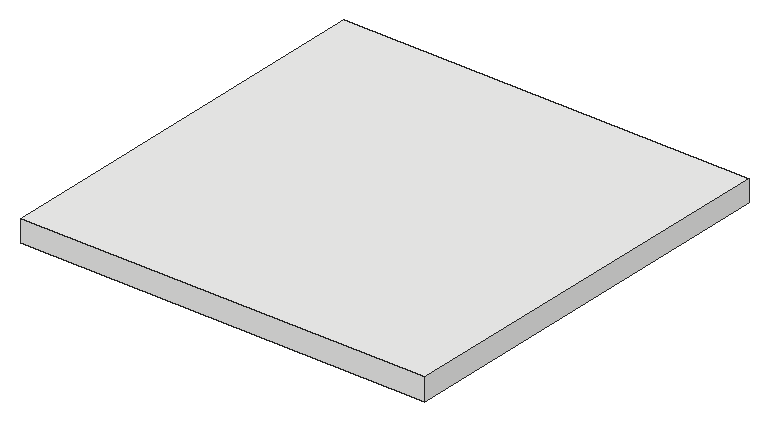
Revit family "p-180_315gb3-f", category 機械設備, Revit 2019
Family settings
  丸型コネクタ寸法 = 直径を使用
  パーツ タイプ = 標準
  OmniClass 番号 = 23.75.35.17.27
  OmniClass タイトル = Centrifugal Fans
  作業面ベース = いいえ
  常に垂直 = はい
  ロード時にボイドで切り取り = いいえ
  共有 = いいえ
  部屋計算ポイント = はい
Parameters (values of type "P-315GB3-F")
  電圧 = 100 V
  質量 = 0.444 kg
  負荷分類 = 3_ファン類
  説明 = "ダクト用換気扇 別売グリル 外付フィルタータイプ<クールホワイト>"
  製造元 = "三菱電機株式会社"
  製品質量 = 0.37 kg
  製品出荷対象 = "国内"
  製品リリース年月 = "2020年6月1日"
  積算_科目 = "2 換気設備"
  相 = 1
  消費電力 = 36 W
  極数 = 2
  始動方式 [instance] = "直入"
  分類コード = "50052503100030"
  価格 = 10500
  企業コード = "108420"
  仕様書バージョン = "Version1.0"
  モデル = "P-315GB3-F"
  マテリアル = 合成樹脂(白)
  Type Comments = ""
  Keynote = ""
  Assembly Code = ""
  Width = 390 mm
  URL = "https://www.mitsubishielectric.co.jp/ldg/wink/qr/002/307164/"
  Height = 21 mm
  Depth = 390 mm
  Author = "三菱電機株式会社"
Types (4, lengths in mm): name | 質量 | 製品質量 | 価格 | モデル | Width | URL | Height | Depth
  P-180GB3-F | 0.216 kg | 0.18 kg | 5500 | "P-180GB3-F" | 250 | "https://www.mitsubishielectric.co.jp/ldg/wink/qr/002/306897/" | 18 | 250
  P-215GB3-F | 0.252 kg | 0.21 kg | 6700 | "P-215GB3-F" | 286 | "https://www.mitsubishielectric.co.jp/ldg/wink/qr/002/306775/" | 18 | 286
  P-260GB3-F | 0.348 kg | 0.29 kg | 7800 | "P-260GB3-F" | 330 | "https://www.mitsubishielectric.co.jp/ldg/wink/qr/002/306798/" | 21 | 330
  P-315GB3-F | 0.444 kg | 0.37 kg | 10500 | "P-315GB3-F" | 390 | "https://www.mitsubishielectric.co.jp/ldg/wink/qr/002/307164/" | 21 | 390
Reference planes
  plane 1 "中心(正面/背面)": y = 0
  plane 2: z = 0
  plane 3 "中心(左/右)": x = 0
  plane 4: x = -195
  plane 5: x = 195
  plane 6: y = 195
  plane 7: y = -195
  plane 8: z = -21
Forms (mm)
  Extrusion 1, solid, material "合成樹脂(白)" <- "マテリアル"
    sketch origin (0, 0, 0) x (1, 0, 0) y (0, 1, 0)
      loop
        line (-195, 195) -> (-195, -195) -> (195, -195) -> (195, 195) -> (-195, 195)
    from -21 to 0
Dimensions and locks
  "Width": plane 4 to plane 5
  equal spacing: plane 4, plane 3 "中心(左/右)", plane 5
  "Depth": plane 6 to plane 7
  equal spacing: plane 6, plane 1 "中心(正面/背面)", plane 7
  "Height": plane 2 to plane 8
  aligned and locked: level to plane 2
  aligned and locked: plane 6 to Extrusion 1
  aligned and locked: plane 5 to Extrusion 1
  aligned and locked: Extrusion 1 to plane 7
  aligned and locked: Extrusion 1 to plane 4
  aligned and locked: plane 2 to Extrusion 1
  aligned and locked: Extrusion 1 to plane 8
  aligned and locked: plane 7 to Extrusion 1 sketch curve
  aligned and locked: Extrusion 1 sketch curve to plane 5
Automatic sketch dimensions
  Extrusion 1 sketch curve to plane 4 = 0 mm
  Extrusion 1 sketch curve to plane 6 = 0 mm
